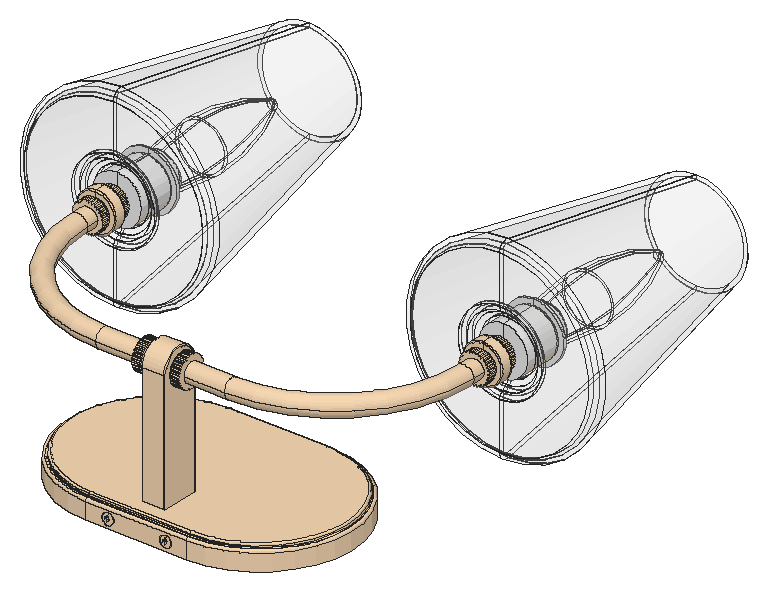
Revit family "Light_Fixture-Wall_Sconce-KOHLER-McGee-K-32256", category Lighting Fixtures, host Face, Revit 2021 (continued)
Definition of nested family "K-32256_Handle"
  Lines and regions (in)
    Masking region 3
      outline origin (1.37795, 2.25299, 0) x (1, 0, 0) y (0, 1, 0)
        loop
          arc (2.5789, -4.50716) -> (2.56491, -4.51296) -> (2.55911, -4.52695) r 0.01979
          line (2.55911, -4.52695) -> (2.55911, -4.67544) -> (2.48089, -4.67544) -> (2.48089, -4.62707) -> (2.29958, -4.62707) -> (2.29958, -4.77248) -> (2.06508, -4.77248)
          arc (2.06508, -4.77248) -> (0.70289, -4.47974) -> (-0.41876, -3.65321) r 3.31564
          arc (-0.41876, -3.65321) -> (1.52905, -3.13473) -> (2.38189, -1.30842) r 2.38189
          line (2.38189, -1.30842) -> (2.38189, 1.30887)
    symbolic lines, detail levels medium+fine
      curve 1: line (0, 1.64533, 3.92944) -> (0, 1.64533, 3.40356)
      curve 2: line (0, 1.8816, 3.31565) -> (0, 1.8816, 4.03362)
      curve 3: line (0, 1.96031, 4.02857) -> (0, 1.96031, 3.34036)
      curve 4: line (0, 2.62956, 4.03362) -> (0, 2.62956, 3.31565)
      curve 5: line (0, 2.55086, 3.34036) -> (0, 2.55086, 4.02857)
      curve 6: line (0, 2.54827, 0.59055) -> (0, 1.96031, 0.59055)
      curve 7: line (0, 5.84749, 0.49263) -> (0, -1.33948, 0.49263)
      curve 8: line (0, 2.86582, 4.03362) -> (0, 2.62956, 4.03362)
      curve 9: line (0, 2.86582, 4.01659) -> (0, 2.62956, 4.01659)
      curve 10: line (0, 2.86582, 3.96538) -> (0, 2.62956, 3.96538)
      curve 11: line (0, 2.86582, 3.92944) -> (0, 2.62956, 3.92944)
      curve 12: line (0, 2.86582, 3.90189) -> (0, 2.62956, 3.90189)
      curve 13: line (0, 2.86582, 3.86) -> (0, 2.62956, 3.86)
      curve 14: line (0, 2.86582, 3.8289) -> (0, 2.62956, 3.8289)
      curve 15: line (0, 2.86582, 3.7829) -> (0, 2.62956, 3.7829)
      curve 16: line (0, 2.86582, 3.7496) -> (0, 2.62956, 3.7496)
      curve 17: line (0, 2.86582, 3.70149) -> (0, 2.62956, 3.70149)
      curve 18: line (0, 2.86582, 3.72193) -> (0, 2.62956, 3.72193)
      curve 19: line (0, 2.86582, 3.79523) -> (0, 2.62956, 3.79523)
      curve 20: line (0, 2.86582, 3.98816) -> (0, 2.62956, 3.98816)
      curve 21: line (0, 2.86582, 4.05329) -> (0, 2.62956, 4.05329)
      curve 22: line (0, 2.86582, 3.33532) -> (0, 2.62956, 3.33532)
      curve 23: line (0, 2.86582, 3.35234) -> (0, 2.62956, 3.35234)
      curve 24: line (0, 2.86582, 3.40356) -> (0, 2.62956, 3.40356)
      curve 25: line (0, 2.86582, 3.4395) -> (0, 2.62956, 3.4395)
      curve 26: line (0, 2.86582, 3.46705) -> (0, 2.62956, 3.46705)
      curve 27: line (0, 2.86582, 3.50893) -> (0, 2.62956, 3.50893)
      curve 28: line (0, 2.86582, 3.54004) -> (0, 2.62956, 3.54004)
      curve 29: line (0, 2.86582, 3.58604) -> (0, 2.62956, 3.58604)
      curve 30: line (0, 2.86582, 3.61934) -> (0, 2.62956, 3.61934)
      curve 31: line (0, 2.86582, 3.66745) -> (0, 2.62956, 3.66745)
      curve 32: line (0, 2.86582, 3.647) -> (0, 2.62956, 3.647)
      curve 33: line (0, 2.86582, 3.57371) -> (0, 2.62956, 3.57371)
      curve 34: line (0, 2.86582, 3.38077) -> (0, 2.62956, 3.38077)
      curve 35: line (0, 2.86582, 3.31565) -> (0, 2.62956, 3.31565)
      curve 36: line (0, 2.86582, 4.06381) -> (0, 2.62956, 4.06381)
      curve 37: line (0, 1.8816, 4.03362) -> (0, 1.8816, 3.31565)
      curve 38: line (0, 1.64534, 4.03362) -> (0, 1.8816, 4.03362)
      curve 39: line (0, 1.64534, 4.01659) -> (0, 1.8816, 4.01659)
      curve 40: line (0, 1.64534, 3.96538) -> (0, 1.8816, 3.96538)
      curve 41: line (0, 1.64533, 3.92944) -> (0, 1.8816, 3.92944)
      curve 42: line (0, 1.64534, 3.90189) -> (0, 1.8816, 3.90189)
      curve 43: line (0, 1.64533, 3.86) -> (0, 1.8816, 3.86)
      curve 44: line (0, 1.64533, 3.8289) -> (0, 1.8816, 3.8289)
      curve 45: line (0, 1.64533, 3.7829) -> (0, 1.8816, 3.7829)
      curve 46: line (0, 1.64533, 3.7496) -> (0, 1.8816, 3.7496)
      curve 47: line (0, 1.64533, 3.70149) -> (0, 1.8816, 3.70149)
      curve 48: line (0, 1.64533, 3.72193) -> (0, 1.8816, 3.72193)
      curve 49: line (0, 1.64533, 3.79523) -> (0, 1.8816, 3.79523)
      curve 50: line (0, 1.64534, 3.98816) -> (0, 1.8816, 3.98816)
      curve 51: line (0, 1.64534, 4.05329) -> (0, 1.8816, 4.05329)
      curve 52: line (0, 1.64534, 3.33532) -> (0, 1.8816, 3.33532)
      curve 53: line (0, 1.64534, 3.35234) -> (0, 1.8816, 3.35234)
      curve 54: line (0, 1.64533, 3.40356) -> (0, 1.8816, 3.40356)
      curve 55: line (0, 1.64533, 3.4395) -> (0, 1.8816, 3.4395)
      curve 56: line (0, 1.64533, 3.46705) -> (0, 1.8816, 3.46705)
      curve 57: line (0, 1.64533, 3.50893) -> (0, 1.8816, 3.50893)
      curve 58: line (0, 1.64533, 3.54004) -> (0, 1.8816, 3.54004)
      curve 59: line (0, 1.64533, 3.58604) -> (0, 1.8816, 3.58604)
      curve 60: line (0, 1.64533, 3.61934) -> (0, 1.8816, 3.61934)
      curve 61: line (0, 1.64533, 3.66745) -> (0, 1.8816, 3.66745)
      curve 62: line (0, 1.64533, 3.647) -> (0, 1.8816, 3.647)
      curve 63: line (0, 1.64533, 3.57371) -> (0, 1.8816, 3.57371)
      curve 64: line (0, 1.64534, 3.38077) -> (0, 1.8816, 3.38077)
      curve 65: line (0, 1.64534, 3.31565) -> (0, 1.8816, 3.31565)
      curve 66: line (0, 1.64534, 4.06381) -> (0, 1.8816, 4.06381)
      curve 67: line (0.49213, 0, 0.59091) -> (-0.49213, 0, 0.59091)
      curve 68: line (3.6993, 0, 0.49324) -> (-0.9434, 0, 0.49324)
      curve 69: arc (0.13774, 0, 4.05329) -> (0.12166, 0, 4.0589) -> (0.10536, 0, 4.06381) r 0.3937
      curve 70: line (0.10536, 0, 4.06381) -> (0.07452, 0, 4.03505)
      curve 71: line (0.07452, 0, 4.03505) -> (0.05804, 0, 4.07387)
      curve 72: arc (0.05804, 0, 4.07387) -> (0.04115, 0, 4.07601) -> (0.02418, 0, 4.07743) r 0.3937
      curve 73: line (0.02418, 0, 4.07743) -> (0, 0, 4.04289)
      curve 74: line (0, 0, 4.04289) -> (-0.02418, 0, 4.07743)
      curve 75: line (-0.05804, 0, 4.07387) -> (-0.07452, 0, 4.03505)
      curve 76: arc (-0.02418, 0, 4.07743) -> (-0.04115, 0, 4.07601) -> (-0.05804, 0, 4.07387) r 0.3937
      curve 77: line (-0.07452, 0, 4.03505) -> (-0.10536, 0, 4.06381)
      curve 78: arc (-0.10536, 0, 4.06381) -> (-0.12166, 0, 4.0589) -> (-0.13774, 0, 4.05329) r 0.3937
      curve 79: line (-0.13774, 0, 4.05329) -> (-0.14578, 0, 4.0119)
      curve 80: line (-0.14578, 0, 4.0119) -> (-0.18192, 0, 4.03362)
      curve 81: arc (-0.18192, 0, 4.03362) -> (-0.19685, 0, 4.02542) -> (-0.21141, 0, 4.01659) r 0.3937
      curve 82: line (-0.21141, 0, 4.01659) -> (-0.21067, 0, 3.97443)
      curve 83: line (-0.21067, 0, 3.97443) -> (-0.25054, 0, 3.98816)
      curve 84: arc (-0.25054, 0, 3.98816) -> (-0.26344, 0, 3.97705) -> (-0.27584, 0, 3.96538) r 0.3937
      curve 85: line (-0.27584, 0, 3.96538) -> (-0.26636, 0, 3.9243)
      curve 86: line (-0.26636, 0, 3.9243) -> (-0.30821, 0, 3.92944)
      curve 87: arc (-0.30821, 0, 3.92944) -> (-0.31851, 0, 3.91588) -> (-0.32822, 0, 3.90189) r 0.3937
      curve 88: line (-0.32822, 0, 3.90189) -> (-0.3104, 0, 3.86368)
      curve 89: line (-0.3104, 0, 3.86368) -> (-0.3524, 0, 3.86)
      curve 90: arc (-0.3524, 0, 3.86) -> (-0.35966, 0, 3.8446) -> (-0.36625, 0, 3.8289) r 0.3937
      curve 91: line (-0.36625, 0, 3.8289) -> (-0.34088, 0, 3.79523)
      curve 92: line (-0.34088, 0, 3.79523) -> (-0.3812, 0, 3.7829)
      curve 93: arc (-0.3812, 0, 3.7829) -> (-0.3851, 0, 3.76632) -> (-0.38828, 0, 3.7496) r 0.3937
      curve 94: line (-0.38828, 0, 3.7496) -> (-0.35645, 0, 3.72193)
      curve 95: line (-0.35645, 0, 3.72193) -> (-0.39333, 0, 3.70149)
      curve 96: arc (-0.39333, 0, 3.70149) -> (-0.3937, 0, 3.68447) -> (-0.39333, 0, 3.66745) r 0.3937
      curve 97: line (-0.39333, 0, 3.66745) -> (-0.35645, 0, 3.647)
      curve 98: line (-0.35645, 0, 3.647) -> (-0.38828, 0, 3.61934)
      curve 99: arc (-0.38828, 0, 3.61934) -> (-0.3851, 0, 3.60261) -> (-0.3812, 0, 3.58604) r 0.3937
      curve 100: line (-0.3812, 0, 3.58604) -> (-0.34088, 0, 3.57371)
      curve 101: line (-0.34088, 0, 3.57371) -> (-0.36625, 0, 3.54004)
      curve 102: arc (-0.36625, 0, 3.54004) -> (-0.35966, 0, 3.52434) -> (-0.3524, 0, 3.50893) r 0.3937
      curve 103: line (-0.3524, 0, 3.50893) -> (-0.3104, 0, 3.50526)
      curve 104: line (-0.3104, 0, 3.50526) -> (-0.32822, 0, 3.46705)
      curve 105: arc (-0.32822, 0, 3.46705) -> (-0.31851, 0, 3.45306) -> (-0.30821, 0, 3.4395) r 0.3937
      curve 106: line (-0.30821, 0, 3.4395) -> (-0.26636, 0, 3.44464)
      curve 107: line (-0.26636, 0, 3.44464) -> (-0.27584, 0, 3.40356)
      curve 108: arc (-0.27584, 0, 3.40356) -> (-0.26344, 0, 3.39189) -> (-0.25054, 0, 3.38077) r 0.3937
      curve 109: line (-0.25054, 0, 3.38077) -> (-0.21067, 0, 3.3945)
      curve 110: line (-0.21067, 0, 3.3945) -> (-0.21141, 0, 3.35234)
      curve 111: arc (-0.21141, 0, 3.35234) -> (-0.19685, 0, 3.34351) -> (-0.18192, 0, 3.33532) r 0.3937
      curve 112: line (-0.18192, 0, 3.33532) -> (-0.14578, 0, 3.35704)
      curve 113: line (-0.14578, 0, 3.35704) -> (-0.13774, 0, 3.31565)
      curve 114: arc (-0.13774, 0, 3.31565) -> (-0.12166, 0, 3.31004) -> (-0.10536, 0, 3.30513) r 0.3937
      curve 115: line (-0.10536, 0, 3.30513) -> (-0.07452, 0, 3.33388)
      curve 116: line (-0.07452, 0, 3.33388) -> (-0.05804, 0, 3.29507)
      curve 117: arc (-0.05804, 0, 3.29507) -> (-0.04115, 0, 3.29292) -> (-0.02418, 0, 3.29151) r 0.3937
      curve 118: line (-0.02418, 0, 3.29151) -> (0, 0, 3.32605)
      curve 119: line (0, 0, 3.32605) -> (0.02418, 0, 3.29151)
      curve 120: arc (0.02418, 0, 3.29151) -> (0.04115, 0, 3.29292) -> (0.05804, 0, 3.29507) r 0.3937
      curve 121: line (0.05804, 0, 3.29507) -> (0.07452, 0, 3.33388)
      curve 122: line (0.07452, 0, 3.33388) -> (0.10536, 0, 3.30513)
      curve 123: line (0.13774, 0, 3.31565) -> (0.14578, 0, 3.35704)
      curve 124: arc (0.10536, 0, 3.30513) -> (0.12166, 0, 3.31004) -> (0.13774, 0, 3.31565) r 0.3937
      curve 125: line (0.14578, 0, 3.35704) -> (0.18192, 0, 3.33532)
      curve 126: arc (0.18192, 0, 3.33532) -> (0.19685, 0, 3.34351) -> (0.21141, 0, 3.35234) r 0.3937
      curve 127: line (0.21141, 0, 3.35234) -> (0.21067, 0, 3.3945)
      curve 128: line (0.21067, 0, 3.3945) -> (0.25054, 0, 3.38077)
      curve 129: arc (0.25054, 0, 3.38077) -> (0.26344, 0, 3.39189) -> (0.27584, 0, 3.40356) r 0.3937
      curve 130: line (0.27584, 0, 3.40356) -> (0.26636, 0, 3.44464)
      curve 131: line (0.14578, 0, 4.0119) -> (0.13774, 0, 4.05329)
      curve 132: line (0.18192, 0, 4.03362) -> (0.14578, 0, 4.0119)
      curve 133: arc (0.21141, 0, 4.01659) -> (0.19685, 0, 4.02542) -> (0.18192, 0, 4.03362) r 0.3937
      curve 134: line (0.21067, 0, 3.97443) -> (0.21141, 0, 4.01659)
      curve 135: line (0.25054, 0, 3.98816) -> (0.21067, 0, 3.97443)
      curve 136: arc (0.2752, 0, 3.96601) -> (0.2631, 0, 3.97735) -> (0.25054, 0, 3.98816) r 0.3937
      curve 137: arc (3.56299, 3.56186, 0) -> (2.71209, 5.29231, 0) -> (0.82211, 5.67502, 0) r 2.18504
      curve 138: line (-0.80709, 3.56186, 0) -> (-0.80709, 0.94457, 0)
      curve 139: arc (-0.80709, 0.94457, 0) -> (-0.57735, -0.03071, 0) -> (0.06355, -0.80092, 0) r 2.18504
      curve 140: line (3.56299, 0.94457, 0) -> (3.56299, 3.56186, 0)
      curve 141: line (-0.49213, 1.95772, 0) -> (0.49213, 1.95772, 0)
      curve 142: line (-0.24596, 0.92133, 0) -> (-0.24596, 1.64274, 0)
      curve 143: line (0.24596, 1.0522, 0) -> (0.24596, 1.64274, 0)
      curve 144: line (-0.3937, 1.64274, 0) -> (0.39333, 1.64274, 0)
      curve 145: line (0.39333, 1.87901, 0) -> (-0.3937, 1.87901, 0)
      curve 146: line (-0.3937, 1.87901, 0) -> (-0.3937, 1.64274, 0)
      curve 147: line (0.39333, 1.87901, 0) -> (0.39333, 1.64274, 0)
      curve 148: line (-0.49213, 2.54827, 0) -> (0.49213, 2.54827, 0)
      curve 149: line (-0.49213, 2.54827, 0) -> (-0.49213, 1.95772, 0)
      curve 150: line (0.49213, 2.54827, 0) -> (0.49213, 1.95772, 0)
      curve 151: line (0.34459, 1.95772, 0) -> (0.34459, 1.87901, 0)
      curve 152: line (-0.34517, 1.95772, 0) -> (-0.34517, 1.87901, 0)
      curve 153: line (-0.3937, 2.86323, 0) -> (0.3937, 2.86323, 0)
      curve 154: line (0.3937, 2.62697, 0) -> (-0.3937, 2.62697, 0)
      curve 155: line (-0.3937, 2.62697, 0) -> (-0.3937, 2.86323, 0)
      curve 156: line (0.3937, 2.62697, 0) -> (0.3937, 2.86323, 0)
      curve 157: line (-0.34552, 2.54827, 0) -> (-0.34552, 2.62697, 0)
      curve 158: line (0.34288, 2.54827, 0) -> (0.34288, 2.62697, 0)
      curve 159: line (-0.3812, 2.86323, 0) -> (-0.3812, 2.62697, 0)
      curve 160: line (-0.36625, 2.86323, 0) -> (-0.36625, 2.62697, 0)
      curve 161: line (-0.3524, 2.86323, 0) -> (-0.3524, 2.62697, 0)
      curve 162: line (-0.32822, 2.86323, 0) -> (-0.32822, 2.62697, 0)
      curve 163: line (-0.30821, 2.86323, 0) -> (-0.30821, 2.62697, 0)
      curve 164: line (-0.27584, 2.86323, 0) -> (-0.27584, 2.62697, 0)
      curve 165: line (-0.25054, 2.86323, 0) -> (-0.25054, 2.62697, 0)
      curve 166: line (-0.21141, 2.86323, 0) -> (-0.21141, 2.62697, 0)
      curve 167: line (-0.18192, 2.86323, 0) -> (-0.18192, 2.62697, 0)
      curve 168: line (-0.14578, 2.86323, 0) -> (-0.14578, 2.62697, 0)
      curve 169: line (-0.13774, 2.86323, 0) -> (-0.13774, 2.62697, 0)
      curve 170: line (-0.10536, 2.86323, 0) -> (-0.10536, 2.62697, 0)
      curve 171: line (-0.07452, 2.86323, 0) -> (-0.07452, 2.62697, 0)
      curve 172: line (-0.05804, 2.62697, 0) -> (-0.05804, 2.86323, 0)
      curve 173: line (-0.02418, 2.86323, 0) -> (-0.02418, 2.62697, 0)
      curve 174: line (0.3937, 2.62697, 0) -> (0.3937, 2.86323, 0)
      curve 175: line (0.3812, 2.86323, 0) -> (0.3812, 2.62697, 0)
      curve 176: line (0.36625, 2.86323, 0) -> (0.36625, 2.62697, 0)
      curve 177: line (0.3524, 2.86323, 0) -> (0.3524, 2.62697, 0)
      curve 178: line (0.32822, 2.86323, 0) -> (0.32822, 2.62697, 0)
      curve 179: line (0.30821, 2.86323, 0) -> (0.30821, 2.62697, 0)
      curve 180: line (0.27584, 2.86323, 0) -> (0.27584, 2.62697, 0)
      curve 181: line (0.25054, 2.86323, 0) -> (0.25054, 2.62697, 0)
      curve 182: line (0.21141, 2.86323, 0) -> (0.21141, 2.62697, 0)
      curve 183: line (0.18192, 2.86323, 0) -> (0.18192, 2.62697, 0)
      curve 184: line (0.14578, 2.86323, 0) -> (0.14578, 2.62697, 0)
      curve 185: line (0.13774, 2.86323, 0) -> (0.13774, 2.62697, 0)
      curve 186: line (0.10536, 2.86323, 0) -> (0.10536, 2.62697, 0)
      curve 187: line (0.07452, 2.86323, 0) -> (0.07452, 2.62697, 0)
      curve 188: line (0.05804, 2.62697, 0) -> (0.05804, 2.86323, 0)
      curve 189: line (0.02418, 2.86323, 0) -> (0.02418, 2.62697, 0)
      curve 190: line (0, 2.86323, 0) -> (0, 2.62697, 0)
      curve 191: line (-0.3812, 1.87901, 0) -> (-0.3812, 1.64274, 0)
      curve 192: line (-0.36625, 1.87901, 0) -> (-0.36625, 1.64274, 0)
      curve 193: line (-0.3524, 1.87901, 0) -> (-0.3524, 1.64274, 0)
      curve 194: line (-0.32822, 1.87901, 0) -> (-0.32822, 1.64274, 0)
      curve 195: line (-0.30821, 1.87901, 0) -> (-0.30821, 1.64274, 0)
      curve 196: line (-0.27584, 1.87901, 0) -> (-0.27584, 1.64274, 0)
      curve 197: line (-0.25054, 1.87901, 0) -> (-0.25054, 1.64274, 0)
      curve 198: line (-0.21141, 1.87901, 0) -> (-0.21141, 1.64274, 0)
      curve 199: line (-0.18192, 1.87901, 0) -> (-0.18192, 1.64274, 0)
      curve 200: line (-0.14578, 1.87901, 0) -> (-0.14578, 1.64274, 0)
      curve 201: line (-0.13774, 1.87901, 0) -> (-0.13774, 1.64274, 0)
      curve 202: line (-0.10536, 1.87901, 0) -> (-0.10536, 1.64274, 0)
      curve 203: line (-0.07452, 1.87901, 0) -> (-0.07452, 1.64274, 0)
      curve 204: line (-0.05804, 1.64274, 0) -> (-0.05804, 1.87901, 0)
      curve 205: line (-0.02418, 1.87901, 0) -> (-0.02418, 1.64274, 0)
      curve 206: line (0, 1.87901, 0) -> (0, 1.64274, 0)
      curve 207: line (0.3812, 1.87901, 0) -> (0.3812, 1.64274, 0)
      curve 208: line (0.36625, 1.87901, 0) -> (0.36625, 1.64274, 0)
      curve 209: line (0.3524, 1.87901, 0) -> (0.3524, 1.64274, 0)
      curve 210: line (0.32822, 1.87901, 0) -> (0.32822, 1.64274, 0)
      curve 211: line (0.30821, 1.87901, 0) -> (0.30821, 1.64274, 0)
      curve 212: line (0.27584, 1.87901, 0) -> (0.27584, 1.64274, 0)
      curve 213: line (0.25054, 1.87901, 0) -> (0.25054, 1.64274, 0)
      curve 214: line (0.21141, 1.87901, 0) -> (0.21141, 1.64274, 0)
      curve 215: line (0.18192, 1.87901, 0) -> (0.18192, 1.64274, 0)
      curve 216: line (0.14578, 1.87901, 0) -> (0.14578, 1.64274, 0)
      curve 217: line (0.13774, 1.87901, 0) -> (0.13774, 1.64274, 0)
      curve 218: line (0.10536, 1.87901, 0) -> (0.10536, 1.64274, 0)
      curve 219: line (0.07452, 1.87901, 0) -> (0.07452, 1.64274, 0)
      curve 220: line (0.05804, 1.64274, 0) -> (0.05804, 1.87901, 0)
      curve 221: line (0.02418, 1.87901, 0) -> (0.02418, 1.64274, 0)
      curve 222: line (3.93706, 7.6182, 0) -> (3.93706, 6.92843, 0)
      curve 223: line (4.25185, 7.61729, 0) -> (4.25147, 6.92861, 0)
      curve 224: line (4.33025, 7.62217, 0) -> (4.33025, 6.92388, 0)
      curve 225: line (3.85884, 6.92388, 0) -> (3.85884, 7.62217, 0)
      curve 226: line (3.67753, 7.53339, 0) -> (3.67753, 7.01265, 0)
      curve 227: line (-0.24747, 2.86323, 0) -> (-0.24747, 3.45378, 0)
      curve 228: line (0.24747, 2.86323, 0) -> (0.24747, 3.45378, 0)
      curve 229: arc (-0.24747, 3.45378, 0) -> (-0.13878, 4.55926, 0) -> (0.18313, 5.62239, 0) r 5.67614
      curve 230: arc (0.24747, 3.45378, 0) -> (0.42912, 4.73091, 0) -> (0.95967, 5.90674, 0) r 4.58034
      curve 231: arc (0.06376, 5.30751, 0) -> (-0.57729, 4.53727, 0) -> (-0.80709, 3.56186, 0) r 2.18504
      curve 232: line (3.67753, 7.64184, 0) -> (3.85884, 7.64184, 0)
      curve 233: line (3.67753, 7.62217, 0) -> (3.85884, 7.62217, 0)
      curve 234: line (3.67753, 7.60515, 0) -> (3.85884, 7.60515, 0)
      curve 235: line (3.67753, 7.57672, 0) -> (3.85884, 7.57672, 0)
      curve 236: line (3.67753, 7.55394, 0) -> (3.85884, 7.55394, 0)
      curve 237: line (3.67753, 7.51799, 0) -> (3.85884, 7.51799, 0)
      curve 238: line (3.67753, 7.49045, 0) -> (3.85884, 7.49045, 0)
      curve 239: line (3.67753, 7.45223, 0) -> (3.85884, 7.45223, 0)
      curve 240: line (3.67753, 7.41745, 0) -> (3.85884, 7.41745, 0)
      curve 241: line (3.67753, 7.38378, 0) -> (3.85884, 7.38378, 0)
      curve 242: line (3.67753, 7.37145, 0) -> (3.85884, 7.37145, 0)
      curve 243: line (3.67753, 7.33815, 0) -> (3.85884, 7.33815, 0)
      curve 244: line (3.67753, 7.31049, 0) -> (3.85884, 7.31049, 0)
      curve 245: line (3.67753, 7.29005, 0) -> (3.85884, 7.29005, 0)
      curve 246: line (3.67753, 7.256, 0) -> (3.85884, 7.256, 0)
      curve 247: line (3.67753, 7.23556, 0) -> (3.85884, 7.23556, 0)
      curve 248: line (3.67753, 7.2079, 0) -> (3.85884, 7.2079, 0)
      curve 249: line (3.67753, 7.17459, 0) -> (3.85884, 7.17459, 0)
      curve 250: line (3.67753, 7.16227, 0) -> (3.85884, 7.16227, 0)
      curve 251: line (3.67753, 7.12859, 0) -> (3.85884, 7.12859, 0)
      curve 252: line (3.67753, 7.09749, 0) -> (3.85884, 7.09749, 0)
      curve 253: line (3.67753, 7.0556, 0) -> (3.85884, 7.0556, 0)
      curve 254: line (3.67753, 7.02806, 0) -> (3.85884, 7.02806, 0)
      curve 255: line (3.67753, 6.99211, 0) -> (3.85884, 6.99211, 0)
      curve 256: line (3.67753, 6.96933, 0) -> (3.85884, 6.96933, 0)
      curve 257: line (3.67753, 6.9409, 0) -> (3.85884, 6.9409, 0)
      curve 258: line (3.67753, 6.92388, 0) -> (3.85884, 6.92388, 0)
      curve 259: line (3.67753, 6.9042, 0) -> (3.85884, 6.9042, 0)
      curve 260: line (4.51179, 7.53339, 0) -> (4.51179, 7.01265, 0)
      curve 261: line (4.51179, 7.64184, 0) -> (4.33047, 7.64184, 0)
      curve 262: line (4.51179, 7.62217, 0) -> (4.33025, 7.62217, 0)
      curve 263: line (4.51179, 7.60515, 0) -> (4.33047, 7.60515, 0)
      curve 264: line (4.51179, 7.57672, 0) -> (4.33047, 7.57672, 0)
      curve 265: line (4.51179, 7.55394, 0) -> (4.33047, 7.55394, 0)
      curve 266: line (4.51179, 7.51799, 0) -> (4.33047, 7.51799, 0)
      curve 267: line (4.51179, 7.49045, 0) -> (4.33047, 7.49045, 0)
      curve 268: line (4.51179, 7.45223, 0) -> (4.33025, 7.45223, 0)
      curve 269: line (4.51179, 7.41745, 0) -> (4.33025, 7.41745, 0)
      curve 270: line (4.51179, 7.38378, 0) -> (4.33047, 7.38378, 0)
      curve 271: line (4.51179, 7.37145, 0) -> (4.33047, 7.37145, 0)
      curve 272: line (4.51179, 7.33815, 0) -> (4.33047, 7.33815, 0)
      curve 273: line (4.51179, 7.31049, 0) -> (4.33047, 7.31049, 0)
      curve 274: line (4.51179, 7.29005, 0) -> (4.33047, 7.29005, 0)
      curve 275: line (4.51179, 7.256, 0) -> (4.33025, 7.256, 0)
      curve 276: line (4.51179, 7.23556, 0) -> (4.33025, 7.23556, 0)
      curve 277: line (4.51179, 7.2079, 0) -> (4.33025, 7.2079, 0)
      curve 278: line (4.51179, 7.17459, 0) -> (4.33025, 7.17459, 0)
      curve 279: line (4.51179, 7.16227, 0) -> (4.33025, 7.16227, 0)
      curve 280: line (4.51179, 7.12859, 0) -> (4.33047, 7.12859, 0)
      curve 281: line (4.51179, 7.09749, 0) -> (4.33047, 7.09749, 0)
      curve 282: line (4.51179, 7.0556, 0) -> (4.33025, 7.0556, 0)
      curve 283: line (4.51179, 7.02806, 0) -> (4.33025, 7.02806, 0)
      curve 284: line (4.51179, 6.99211, 0) -> (4.33025, 6.99211, 0)
      curve 285: line (4.51179, 6.96933, 0) -> (4.33025, 6.96933, 0)
      curve 286: line (4.51179, 6.9409, 0) -> (4.33025, 6.9409, 0)
      curve 287: line (4.51179, 6.92388, 0) -> (4.33025, 6.92388, 0)
      curve 288: line (4.51179, 6.9042, 0) -> (4.33047, 6.9042, 0)
      curve 289: line (3.93706, -3.11221, 0) -> (3.93706, -2.42245, 0)
      curve 290: line (4.25185, -3.11131, 0) -> (4.25147, -2.42263, 0)
      curve 291: line (4.33025, -3.11619, 0) -> (4.33025, -2.41789, 0)
      curve 292: line (3.85884, -2.41789, 0) -> (3.85884, -3.11619, 0)
      curve 293: line (3.67753, -3.02741, 0) -> (3.67753, -2.50667, 0)
      curve 294: line (3.67753, -3.13586, 0) -> (3.85884, -3.13586, 0)
      curve 295: line (3.67753, -3.11619, 0) -> (3.85884, -3.11619, 0)
      curve 296: line (3.67753, -3.09916, 0) -> (3.85884, -3.09916, 0)
      curve 297: line (3.67753, -3.07073, 0) -> (3.85884, -3.07073, 0)
      curve 298: line (3.67753, -3.04795, 0) -> (3.85884, -3.04795, 0)
      curve 299: line (3.67753, -3.01201, 0) -> (3.85884, -3.01201, 0)
      curve 300: line (3.67753, -2.98446, 0) -> (3.85884, -2.98446, 0)
      curve 301: line (3.67753, -2.94625, 0) -> (3.85884, -2.94625, 0)
      curve 302: line (3.67753, -2.91147, 0) -> (3.85884, -2.91147, 0)
      curve 303: line (3.67753, -2.8778, 0) -> (3.85884, -2.8778, 0)
      curve 304: line (3.67753, -2.86547, 0) -> (3.85884, -2.86547, 0)
      curve 305: line (3.67753, -2.83217, 0) -> (3.85884, -2.83217, 0)
      curve 306: line (3.67753, -2.8045, 0) -> (3.85884, -2.8045, 0)
      curve 307: line (3.67753, -2.78406, 0) -> (3.85884, -2.78406, 0)
      curve 308: line (3.67753, -2.75002, 0) -> (3.85884, -2.75002, 0)
      curve 309: line (3.67753, -2.72957, 0) -> (3.85884, -2.72957, 0)
      curve 310: line (3.67753, -2.70191, 0) -> (3.85884, -2.70191, 0)
      curve 311: line (3.67753, -2.66861, 0) -> (3.85884, -2.66861, 0)
      curve 312: line (3.67753, -2.65628, 0) -> (3.85884, -2.65628, 0)
      curve 313: line (3.67753, -2.62261, 0) -> (3.85884, -2.62261, 0)
      curve 314: line (3.67753, -2.5915, 0) -> (3.85884, -2.5915, 0)
      curve 315: line (3.67753, -2.54962, 0) -> (3.85884, -2.54962, 0)
      curve 316: line (3.67753, -2.52207, 0) -> (3.85884, -2.52207, 0)
      curve 317: line (3.67753, -2.48613, 0) -> (3.85884, -2.48613, 0)
      curve 318: line (3.67753, -2.46334, 0) -> (3.85884, -2.46334, 0)
      curve 319: line (3.67753, -2.43491, 0) -> (3.85884, -2.43491, 0)
      curve 320: line (3.67753, -2.41789, 0) -> (3.85884, -2.41789, 0)
      curve 321: line (3.67753, -2.39822, 0) -> (3.85884, -2.39822, 0)
      curve 322: line (4.51179, -3.02741, 0) -> (4.51179, -2.50667, 0)
      curve 323: line (4.51179, -3.13586, 0) -> (4.33047, -3.13586, 0)
      curve 324: line (4.51179, -3.11619, 0) -> (4.33025, -3.11619, 0)
      curve 325: line (4.51179, -3.09916, 0) -> (4.33025, -3.09916, 0)
      curve 326: line (4.51179, -3.07073, 0) -> (4.33025, -3.07073, 0)
      curve 327: line (4.51179, -3.04795, 0) -> (4.33025, -3.04795, 0)
      curve 328: line (4.51179, -3.01201, 0) -> (4.33025, -3.01201, 0)
      curve 329: line (4.51179, -2.98446, 0) -> (4.33025, -2.98446, 0)
      curve 330: line (4.51179, -2.94625, 0) -> (4.33025, -2.94625, 0)
      curve 331: line (4.51179, -2.91147, 0) -> (4.33025, -2.91147, 0)
      curve 332: line (4.51179, -2.8778, 0) -> (4.33025, -2.8778, 0)
      curve 333: line (4.51179, -2.86547, 0) -> (4.33025, -2.86547, 0)
      curve 334: line (4.51179, -2.83217, 0) -> (4.33025, -2.83217, 0)
      curve 335: line (4.51179, -2.8045, 0) -> (4.33025, -2.8045, 0)
      curve 336: line (4.51179, -2.78406, 0) -> (4.33025, -2.78406, 0)
      curve 337: line (4.51179, -2.75002, 0) -> (4.33025, -2.75002, 0)
      curve 338: line (4.51179, -2.72957, 0) -> (4.33025, -2.72957, 0)
      curve 339: line (4.51179, -2.70191, 0) -> (4.33025, -2.70191, 0)
      curve 340: line (4.51179, -2.66861, 0) -> (4.33025, -2.66861, 0)
      curve 341: line (4.51179, -2.65628, 0) -> (4.33025, -2.65628, 0)
      curve 342: line (4.51179, -2.62261, 0) -> (4.33025, -2.62261, 0)
      curve 343: line (4.51179, -2.5915, 0) -> (4.33025, -2.5915, 0)
      curve 344: line (4.51179, -2.54962, 0) -> (4.33025, -2.54962, 0)
      curve 345: line (4.51179, -2.52207, 0) -> (4.33025, -2.52207, 0)
      curve 346: line (4.51179, -2.48613, 0) -> (4.33025, -2.48613, 0)
      curve 347: line (4.51179, -2.46334, 0) -> (4.33025, -2.46334, 0)
      curve 348: line (4.51179, -2.43491, 0) -> (4.33025, -2.43491, 0)
      curve 349: line (4.51179, -2.41789, 0) -> (4.33025, -2.41789, 0)
      curve 350: line (4.51179, -2.39822, 0) -> (4.33047, -2.39822, 0)
      curve 351: arc (-0.24596, 0.92133, 0) -> (-0.12567, -0.11739, 0) -> (0.18313, -1.11641, 0) r 5.67614
      curve 352: arc (0.24747, 1.0522, 0) -> (0.42912, -0.22492, 0) -> (0.95967, -1.40075, 0) r 4.58034
      curve 353: arc (0.82182, -1.16851, 0) -> (2.71197, -0.78597, 0) -> (3.56299, 0.94457, 0) r 2.18504
      curve 354: line (0.42819, 0, 3.9287) -> (0.00047, 0, 3.9287)
      curve 355: line (0.49213, 0, 3.44023) -> (0.00047, 0, 3.44023)
      curve 356: arc (0.00047, 0, 3.9287) -> (-0.24377, 0, 3.68447) -> (0.00047, 0, 3.44023) r 0.24424
      curve 357: line (0.2752, 0, 3.96601) -> (0.26235, 0, 3.9287)
      curve 358: line (3.67753, 0, 3.93164) -> (3.67753, 0, 3.43729)
      curve 359: line (3.85884, 0, 3.34343) -> (3.85884, 0, 4.02551)
      curve 360: line (3.93758, 0, 4.02551) -> (3.93758, 0, 3.34343)
      curve 361: line (4.25138, 0, 3.34343) -> (4.25138, 0, 4.02551)
      curve 362: line (4.33025, 0, 4.02551) -> (4.33025, 0, 3.34343)
      curve 363: line (3.85884, 0, 4.04735) -> (3.67753, 0, 4.04735)
      curve 364: line (3.85884, 0, 4.03351) -> (3.67753, 0, 4.03351)
      curve 365: line (3.85884, 0, 4.00932) -> (3.67753, 0, 4.00932)
      curve 366: line (3.85884, 0, 3.98931) -> (3.67753, 0, 3.98931)
      curve 367: line (3.85884, 0, 3.95694) -> (3.67753, 0, 3.95694)
      curve 368: line (3.85884, 0, 3.93164) -> (3.67753, 0, 3.93164)
      curve 369: line (3.85884, 0, 3.89251) -> (3.67753, 0, 3.89251)
      curve 370: line (3.85884, 0, 3.86303) -> (3.67753, 0, 3.86303)
      curve 371: line (3.85884, 0, 3.82688) -> (3.67753, 0, 3.82688)
      curve 372: line (3.85884, 0, 3.81884) -> (3.67753, 0, 3.81884)
      curve 373: line (3.85884, 0, 3.78646) -> (3.67753, 0, 3.78646)
      curve 374: line (3.85884, 0, 3.75562) -> (3.67753, 0, 3.75562)
      curve 375: line (3.67753, 0, 3.73915) -> (3.85884, 0, 3.73915)
      curve 376: line (3.85884, 0, 3.70529) -> (3.67753, 0, 3.70529)
      curve 377: line (3.85884, 0, 3.32158) -> (3.67753, 0, 3.32158)
      curve 378: line (3.85884, 0, 3.33543) -> (3.67753, 0, 3.33543)
      curve 379: line (3.85884, 0, 3.35962) -> (3.67753, 0, 3.35962)
      curve 380: line (3.85884, 0, 3.37963) -> (3.67753, 0, 3.37963)
      curve 381: line (3.85884, 0, 3.41199) -> (3.67753, 0, 3.41199)
      curve 382: line (3.85884, 0, 3.43729) -> (3.67753, 0, 3.43729)
      curve 383: line (3.85884, 0, 3.47643) -> (3.67753, 0, 3.47643)
      curve 384: line (3.85884, 0, 3.50591) -> (3.67753, 0, 3.50591)
      curve 385: line (3.85884, 0, 3.54205) -> (3.67753, 0, 3.54205)
      curve 386: line (3.85884, 0, 3.5501) -> (3.67753, 0, 3.5501)
      curve 387: line (3.85884, 0, 3.58248) -> (3.67753, 0, 3.58248)
      curve 388: line (3.85884, 0, 3.61332) -> (3.67753, 0, 3.61332)
      curve 389: line (3.67753, 0, 3.62979) -> (3.85884, 0, 3.62979)
      curve 390: line (3.85884, 0, 3.66365) -> (3.67753, 0, 3.66365)
      curve 391: line (4.33066, 0, 4.04735) -> (4.51197, 0, 4.04735)
      curve 392: line (4.33066, 0, 4.03351) -> (4.51197, 0, 4.03351)
      curve 393: line (4.33025, 0, 4.00932) -> (4.51197, 0, 4.00932)
      curve 394: line (4.33025, 0, 3.98931) -> (4.51197, 0, 3.98931)
      curve 395: line (4.33025, 0, 3.95694) -> (4.51197, 0, 3.95694)
      curve 396: line (4.33025, 0, 3.93164) -> (4.51197, 0, 3.93164)
      curve 397: line (4.33025, 0, 3.89251) -> (4.51197, 0, 3.89251)
      curve 398: line (4.33025, 0, 3.86303) -> (4.51197, 0, 3.86303)
      curve 399: line (4.33025, 0, 3.82688) -> (4.51197, 0, 3.82688)
      curve 400: line (4.33025, 0, 3.81884) -> (4.51197, 0, 3.81884)
      curve 401: line (4.33025, 0, 3.78646) -> (4.51197, 0, 3.78646)
      curve 402: line (4.33025, 0, 3.75562) -> (4.51197, 0, 3.75562)
      curve 403: line (4.51197, 0, 3.73915) -> (4.33025, 0, 3.73915)
      curve 404: line (4.33025, 0, 3.70529) -> (4.51197, 0, 3.70529)
      curve 405: line (4.33066, 0, 3.32158) -> (4.51197, 0, 3.32158)
      curve 406: line (4.33066, 0, 3.33543) -> (4.51197, 0, 3.33543)
      curve 407: line (4.33025, 0, 3.35962) -> (4.51197, 0, 3.35962)
      curve 408: line (4.33025, 0, 3.37963) -> (4.51197, 0, 3.37963)
      curve 409: line (4.33025, 0, 3.41199) -> (4.51197, 0, 3.41199)
      curve 410: line (4.33025, 0, 3.43729) -> (4.51197, 0, 3.43729)
      curve 411: line (4.33025, 0, 3.47643) -> (4.51197, 0, 3.47643)
      curve 412: line (4.33025, 0, 3.50591) -> (4.51197, 0, 3.50591)
      curve 413: line (4.33025, 0, 3.54205) -> (4.51197, 0, 3.54205)
      curve 414: line (4.33025, 0, 3.5501) -> (4.51197, 0, 3.5501)
      curve 415: line (4.33025, 0, 3.58248) -> (4.51197, 0, 3.58248)
      curve 416: line (4.33025, 0, 3.61332) -> (4.51197, 0, 3.61332)
      curve 417: line (4.51197, 0, 3.62979) -> (4.33025, 0, 3.62979)
      curve 418: line (4.33025, 0, 3.66365) -> (4.51197, 0, 3.66365)
      curve 419: line (0, 6.8219, 3.92866) -> (0, 7.27525, 3.92866)
      curve 420: line (0, 6.8219, 3.44028) -> (0, 7.27525, 3.44028)
      curve 421: arc (0, 7.27525, 3.92866) -> (0, 7.51944, 3.68447) -> (0, 7.27525, 3.44028) r 0.24419
      curve 422: arc (0, 7.57672, 3.93164) -> (0, 7.5656, 3.94454) -> (0, 7.55394, 3.95694) r 0.3937
      curve 423: line (0, 7.55394, 3.95694) -> (0, 7.51285, 3.94746)
      curve 424: line (0, 7.51285, 3.94746) -> (0, 7.51799, 3.98931)
      curve 425: arc (0, 7.51799, 3.98931) -> (0, 7.50443, 3.99961) -> (0, 7.49045, 4.00932) r 0.3937
      curve 426: line (0, 7.49045, 4.00932) -> (0, 7.45223, 3.9915)
      curve 427: line (0, 7.45223, 3.9915) -> (0, 7.44856, 4.03351)
      curve 428: arc (0, 7.44856, 4.03351) -> (0, 7.43316, 4.04077) -> (0, 7.41745, 4.04735) r 0.3937
      curve 429: line (0, 7.41745, 4.04735) -> (0, 7.38378, 4.02198)
      curve 430: line (0, 7.38378, 4.02198) -> (0, 7.37145, 4.0623)
      curve 431: arc (0, 7.37145, 4.0623) -> (0, 7.35488, 4.0662) -> (0, 7.33815, 4.06938) r 0.3937
      curve 432: line (0, 7.33815, 4.06938) -> (0, 7.31049, 4.03756)
      curve 433: line (0, 7.31049, 4.03756) -> (0, 7.29005, 4.07443)
      curve 434: arc (0, 7.29005, 4.07443) -> (0, 7.27302, 4.0748) -> (0, 7.256, 4.07443) r 0.3937
      curve 435: line (0, 7.256, 4.07443) -> (0, 7.23556, 4.03756)
      curve 436: line (0, 7.23556, 4.03756) -> (0, 7.2079, 4.06938)
      curve 437: arc (0, 7.2079, 4.06938) -> (0, 7.19117, 4.0662) -> (0, 7.17459, 4.0623) r 0.3937
      curve 438: line (0, 7.17459, 4.0623) -> (0, 7.16227, 4.02198)
      curve 439: line (0, 7.16227, 4.02198) -> (0, 7.12859, 4.04735)
      curve 440: arc (0, 7.12859, 4.04735) -> (0, 7.11289, 4.04077) -> (0, 7.09749, 4.03351) r 0.3937
      curve 441: line (0, 7.09749, 4.03351) -> (0, 7.09381, 3.9915)
      curve 442: line (0, 7.09381, 3.9915) -> (0, 7.0556, 4.00932)
      curve 443: arc (0, 7.0556, 4.00932) -> (0, 7.04161, 3.99961) -> (0, 7.02806, 3.98931) r 0.3937
      curve 444: line (0, 7.02806, 3.98931) -> (0, 7.03319, 3.94746)
      curve 445: line (0, 7.03319, 3.94746) -> (0, 6.99211, 3.95694)
      curve 446: arc (0, 6.99211, 3.95694) -> (0, 6.98045, 3.94454) -> (0, 6.96933, 3.93164) r 0.3937
      curve 447: line (0, 7.56299, 3.89177) -> (0, 7.57672, 3.93164)
      curve 448: arc (0, 7.62217, 3.86303) -> (0, 7.61398, 3.87795) -> (0, 7.60515, 3.89251) r 0.3937
      curve 449: line (0, 7.60515, 3.89251) -> (0, 7.56299, 3.89177)
      curve 450: line (0, 7.60045, 3.82688) -> (0, 7.62217, 3.86303)
      curve 451: line (0, 7.64184, 3.81884) -> (0, 7.60045, 3.82688)
      curve 452: arc (0, 7.65236, 3.78646) -> (0, 7.64745, 3.80276) -> (0, 7.64184, 3.81884) r 0.3937
      curve 453: line (0, 7.62361, 3.75562) -> (0, 7.65236, 3.78646)
      curve 454: line (0, 7.66242, 3.73915) -> (0, 7.62361, 3.75562)
      curve 455: arc (0, 7.66598, 3.70529) -> (0, 7.66457, 3.72226) -> (0, 7.66242, 3.73915) r 0.3937
      curve 456: line (0, 7.63144, 3.6811) -> (0, 7.66598, 3.70529)
      curve 457: line (0, 7.66598, 3.65692) -> (0, 7.63144, 3.6811)
      curve 458: arc (0, 7.66242, 3.62306) -> (0, 7.66457, 3.63995) -> (0, 7.66598, 3.65692) r 0.3937
      curve 459: line (0, 7.62361, 3.60658) -> (0, 7.66242, 3.62306)
      curve 460: line (0, 7.65236, 3.57575) -> (0, 7.62361, 3.60658)
      curve 461: arc (0, 7.64184, 3.54337) -> (0, 7.64745, 3.55944) -> (0, 7.65236, 3.57575) r 0.3937
      curve 462: line (0, 7.60045, 3.53532) -> (0, 7.64184, 3.54337)
      curve 463: line (0, 7.62217, 3.49918) -> (0, 7.60045, 3.53532)
      curve 464: arc (0, 6.96933, 3.43056) -> (0, 6.98045, 3.41767) -> (0, 6.99211, 3.40526) r 0.3937
      curve 465: line (0, 6.99211, 3.40526) -> (0, 7.03319, 3.41475)
      curve 466: line (0, 7.03319, 3.41475) -> (0, 7.02806, 3.3729)
      curve 467: arc (0, 7.02806, 3.3729) -> (0, 7.04161, 3.36259) -> (0, 7.0556, 3.35288) r 0.3937
      curve 468: line (0, 7.0556, 3.35288) -> (0, 7.09381, 3.3707)
      curve 469: line (0, 7.09381, 3.3707) -> (0, 7.09749, 3.3287)
      curve 470: arc (0, 7.09749, 3.3287) -> (0, 7.11289, 3.32144) -> (0, 7.12859, 3.31485) r 0.3937
      curve 471: line (0, 7.12859, 3.31485) -> (0, 7.16227, 3.34023)
      curve 472: line (0, 7.16227, 3.34023) -> (0, 7.17459, 3.2999)
      curve 473: arc (0, 7.17459, 3.2999) -> (0, 7.19117, 3.296) -> (0, 7.2079, 3.29283) r 0.3937
      curve 474: line (0, 7.2079, 3.29283) -> (0, 7.23556, 3.32465)
      curve 475: line (0, 7.23556, 3.32465) -> (0, 7.256, 3.28777)
      curve 476: arc (0, 7.256, 3.28777) -> (0, 7.27302, 3.2874) -> (0, 7.29005, 3.28777) r 0.3937
      curve 477: line (0, 7.29005, 3.28777) -> (0, 7.31049, 3.32465)
      curve 478: line (0, 7.31049, 3.32465) -> (0, 7.33815, 3.29283)
      curve 479: arc (0, 7.33815, 3.29283) -> (0, 7.35488, 3.296) -> (0, 7.37145, 3.2999) r 0.3937
      curve 480: line (0, 7.37145, 3.2999) -> (0, 7.38378, 3.34023)
      curve 481: line (0, 7.38378, 3.34023) -> (0, 7.41745, 3.31485)
      curve 482: arc (0, 7.41745, 3.31485) -> (0, 7.43316, 3.32144) -> (0, 7.44856, 3.3287) r 0.3937
      curve 483: line (0, 7.44856, 3.3287) -> (0, 7.45223, 3.3707)
      curve 484: line (0, 7.45223, 3.3707) -> (0, 7.49045, 3.35288)
      curve 485: arc (0, 7.49045, 3.35288) -> (0, 7.50443, 3.36259) -> (0, 7.51799, 3.3729) r 0.3937
      curve 486: line (0, 7.51799, 3.3729) -> (0, 7.51285, 3.41475)
      curve 487: line (0, 7.51285, 3.41475) -> (0, 7.55394, 3.40526)
      curve 488: arc (0, 7.55394, 3.40526) -> (0, 7.5656, 3.41767) -> (0, 7.57672, 3.43056) r 0.3937
      curve 489: line (0, 7.57672, 3.43056) -> (0, 7.56299, 3.47043)
      curve 490: line (0, 7.56299, 3.47043) -> (0, 7.60515, 3.46969)
      curve 491: arc (0, 7.60515, 3.46969) -> (0, 7.61398, 3.48425) -> (0, 7.62217, 3.49918) r 0.3937
      curve 492: line (0, -2.31592, 3.92866) -> (0, -2.76926, 3.92866)
      curve 493: line (0, -2.31592, 3.44028) -> (0, -2.76926, 3.44028)
      curve 494: arc (0, -2.76926, 3.92866) -> (0, -3.01346, 3.68447) -> (0, -2.76926, 3.44028) r 0.24419
      curve 495: arc (0, -3.07073, 3.93164) -> (0, -3.05962, 3.94454) -> (0, -3.04795, 3.95694) r 0.3937
      curve 496: line (0, -3.04795, 3.95694) -> (0, -3.00687, 3.94746)
      curve 497: line (0, -3.00687, 3.94746) -> (0, -3.01201, 3.98931)
      curve 498: arc (0, -3.01201, 3.98931) -> (0, -2.99845, 3.99961) -> (0, -2.98446, 4.00932) r 0.3937
      curve 499: line (0, -2.98446, 4.00932) -> (0, -2.94625, 3.9915)
      curve 500: line (0, -2.94625, 3.9915) -> (0, -2.94257, 4.03351)
      curve 501: arc (0, -2.94257, 4.03351) -> (0, -2.92717, 4.04077) -> (0, -2.91147, 4.04735) r 0.3937
      curve 502: line (0, -2.91147, 4.04735) -> (0, -2.8778, 4.02198)
      curve 503: line (0, -2.8778, 4.02198) -> (0, -2.86547, 4.0623)
      curve 504: arc (0, -2.86547, 4.0623) -> (0, -2.84889, 4.0662) -> (0, -2.83217, 4.06938) r 0.3937
      curve 505: line (0, -2.83217, 4.06938) -> (0, -2.8045, 4.03756)
      curve 506: line (0, -2.8045, 4.03756) -> (0, -2.78406, 4.07443)
      curve 507: arc (0, -2.78406, 4.07443) -> (0, -2.76704, 4.0748) -> (0, -2.75002, 4.07443) r 0.3937
      curve 508: line (0, -2.75002, 4.07443) -> (0, -2.72957, 4.03756)
      curve 509: line (0, -2.72957, 4.03756) -> (0, -2.70191, 4.06938)
      curve 510: arc (0, -2.70191, 4.06938) -> (0, -2.68518, 4.0662) -> (0, -2.66861, 4.0623) r 0.3937
      curve 511: line (0, -2.66861, 4.0623) -> (0, -2.65628, 4.02198)
      curve 512: line (0, -2.65628, 4.02198) -> (0, -2.62261, 4.04735)
      curve 513: arc (0, -2.62261, 4.04735) -> (0, -2.60691, 4.04077) -> (0, -2.5915, 4.03351) r 0.3937
      curve 514: line (0, -2.5915, 4.03351) -> (0, -2.58783, 3.9915)
      curve 515: line (0, -2.58783, 3.9915) -> (0, -2.54962, 4.00932)
      curve 516: arc (0, -2.54962, 4.00932) -> (0, -2.53563, 3.99961) -> (0, -2.52207, 3.98931) r 0.3937
      curve 517: line (0, -2.52207, 3.98931) -> (0, -2.52721, 3.94746)
      curve 518: line (0, -2.52721, 3.94746) -> (0, -2.48613, 3.95694)
      curve 519: arc (0, -2.48613, 3.95694) -> (0, -2.47318, 3.94311) -> (0, -2.46091, 3.92866) r 0.3937
      curve 520: line (0, -3.057, 3.89177) -> (0, -3.07073, 3.93164)
      curve 521: arc (0, -3.11619, 3.86303) -> (0, -3.10799, 3.87795) -> (0, -3.09916, 3.89251) r 0.3937
      curve 522: line (0, -3.09916, 3.89251) -> (0, -3.057, 3.89177)
      curve 523: line (0, -3.09447, 3.82688) -> (0, -3.11619, 3.86303)
      curve 524: line (0, -3.13586, 3.81884) -> (0, -3.09447, 3.82688)
      curve 525: arc (0, -3.14638, 3.78646) -> (0, -3.14147, 3.80276) -> (0, -3.13586, 3.81884) r 0.3937
      curve 526: line (0, -3.11762, 3.75562) -> (0, -3.14638, 3.78646)
      curve 527: line (0, -3.15644, 3.73915) -> (0, -3.11762, 3.75562)
      curve 528: arc (0, -3.16, 3.70529) -> (0, -3.15858, 3.72226) -> (0, -3.15644, 3.73915) r 0.3937
      curve 529: line (0, -3.12546, 3.6811) -> (0, -3.16, 3.70529)
      curve 530: line (0, -3.16, 3.65692) -> (0, -3.12546, 3.6811)
      curve 531: arc (0, -3.15644, 3.62306) -> (0, -3.15858, 3.63995) -> (0, -3.16, 3.65692) r 0.3937
      curve 532: line (0, -3.11762, 3.60658) -> (0, -3.15644, 3.62306)
      curve 533: line (0, -3.14638, 3.57575) -> (0, -3.11762, 3.60658)
      curve 534: arc (0, -3.13586, 3.54337) -> (0, -3.14147, 3.55944) -> (0, -3.14638, 3.57575) r 0.3937
      curve 535: line (0, -3.09447, 3.53532) -> (0, -3.13586, 3.54337)
      curve 536: line (0, -3.11619, 3.49918) -> (0, -3.09447, 3.53532)
      curve 537: arc (0, -2.46334, 3.43056) -> (0, -2.47446, 3.41767) -> (0, -2.48613, 3.40526) r 0.3937
      curve 538: line (0, -2.48613, 3.40526) -> (0, -2.52721, 3.41475)
      curve 539: line (0, -2.52721, 3.41475) -> (0, -2.52207, 3.3729)
      curve 540: arc (0, -2.52207, 3.3729) -> (0, -2.53563, 3.36259) -> (0, -2.54962, 3.35288) r 0.3937
      curve 541: line (0, -2.54962, 3.35288) -> (0, -2.58783, 3.3707)
      curve 542: line (0, -2.58783, 3.3707) -> (0, -2.5915, 3.3287)
      curve 543: arc (0, -2.5915, 3.3287) -> (0, -2.60691, 3.32144) -> (0, -2.62261, 3.31485) r 0.3937
      curve 544: line (0, -2.62261, 3.31485) -> (0, -2.65628, 3.34023)
      curve 545: line (0, -2.65628, 3.34023) -> (0, -2.66861, 3.2999)
      curve 546: arc (0, -2.66861, 3.2999) -> (0, -2.68518, 3.296) -> (0, -2.70191, 3.29283) r 0.3937
      curve 547: line (0, -2.70191, 3.29283) -> (0, -2.72957, 3.32465)
      curve 548: line (0, -2.72957, 3.32465) -> (0, -2.75002, 3.28777)
      curve 549: arc (0, -2.75002, 3.28777) -> (0, -2.76704, 3.2874) -> (0, -2.78406, 3.28777) r 0.3937
      curve 550: line (0, -2.78406, 3.28777) -> (0, -2.8045, 3.32465)
      curve 551: line (0, -2.8045, 3.32465) -> (0, -2.83217, 3.29283)
      curve 552: arc (0, -2.83217, 3.29283) -> (0, -2.84889, 3.296) -> (0, -2.86547, 3.2999) r 0.3937
      curve 553: line (0, -2.86547, 3.2999) -> (0, -2.8778, 3.34023)
      curve 554: line (0, -2.8778, 3.34023) -> (0, -2.91147, 3.31485)
      curve 555: arc (0, -2.91147, 3.31485) -> (0, -2.92717, 3.32144) -> (0, -2.94257, 3.3287) r 0.3937
      curve 556: line (0, -2.94257, 3.3287) -> (0, -2.94625, 3.3707)
      curve 557: line (0, -2.94625, 3.3707) -> (0, -2.98446, 3.35288)
      curve 558: arc (0, -2.98446, 3.35288) -> (0, -2.99845, 3.36259) -> (0, -3.01201, 3.3729) r 0.3937
      curve 559: line (0, -3.01201, 3.3729) -> (0, -3.00687, 3.41475)
      curve 560: line (0, -3.00687, 3.41475) -> (0, -3.04795, 3.40526)
      curve 561: arc (0, -3.04795, 3.40526) -> (0, -3.05962, 3.41767) -> (0, -3.07073, 3.43056) r 0.3937
      curve 562: line (0, -3.07073, 3.43056) -> (0, -3.057, 3.47043)
      curve 563: line (0, -3.057, 3.47043) -> (0, -3.09916, 3.46969)
      curve 564: arc (0, -3.09916, 3.46969) -> (0, -3.10799, 3.48425) -> (0, -3.11619, 3.49918) r 0.3937
      curve 565: line (0, 2.86582, 3.92944) -> (0, 2.86582, 3.4395)
      curve 566: arc (0, 3.15945, 0.21654) -> (0, 3.00197, 0.05906) -> (0, 2.84449, 0.21654) r 0.15748
      curve 567: arc (0, 2.86362, 0.21654) -> (0, 3.00197, 0.07819) -> (0, 3.14032, 0.21654) r 0.13835
      curve 568: arc (0, 3.14032, 0.21654) -> (0, 3.00197, 0.35489) -> (0, 2.86362, 0.21654) r 0.13835
      curve 569: arc (0, 2.84449, 0.21654) -> (0, 3.00197, 0.37402) -> (0, 3.15945, 0.21654) r 0.15748
      curve 570: line (0, 3.02279, 0.23551) -> (0, 3.02279, 0.29635)
      curve 571: line (0, 2.98012, 0.29635) -> (0, 2.98012, 0.23551)
      curve 572: line (0, 2.98012, 0.23551) -> (0, 2.92481, 0.23551)
      curve 573: line (0, 2.92481, 0.19679) -> (0, 2.98012, 0.19679)
      curve 574: line (0, 2.98012, 0.19679) -> (0, 2.98012, 0.13674)
      curve 575: line (0, 3.02279, 0.13674) -> (0, 3.02279, 0.19679)
      curve 576: line (0, 3.02279, 0.19679) -> (0, 3.08284, 0.19679)
      curve 577: line (0, 3.08284, 0.23551) -> (0, 3.02279, 0.23551)
      curve 578: line (0, 3.02279, 0.29635) -> (0, 2.98012, 0.29635)
      curve 579: line (0, 2.92481, 0.23551) -> (0, 2.92481, 0.19679)
      curve 580: line (0, 2.98012, 0.13674) -> (0, 3.02279, 0.13674)
      curve 581: line (0, 3.08284, 0.19679) -> (0, 3.08284, 0.23551)
      curve 582: arc (0, 1.34654, 0.21654) -> (0, 1.50402, 0.05906) -> (0, 1.6615, 0.21654) r 0.15748
      curve 583: arc (0, 1.64237, 0.21654) -> (0, 1.50402, 0.07819) -> (0, 1.36567, 0.21654) r 0.13835
      curve 584: arc (0, 1.36567, 0.21654) -> (0, 1.50402, 0.35489) -> (0, 1.64237, 0.21654) r 0.13835
      curve 585: arc (0, 1.6615, 0.21654) -> (0, 1.50402, 0.37402) -> (0, 1.34654, 0.21654) r 0.15748
      curve 586: line (0, 1.4832, 0.23551) -> (0, 1.4832, 0.29635)
      curve 587: line (0, 1.52587, 0.29635) -> (0, 1.52587, 0.23551)
      curve 588: line (0, 1.52587, 0.23551) -> (0, 1.58118, 0.23551)
      curve 589: line (0, 1.58118, 0.19679) -> (0, 1.52587, 0.19679)
      curve 590: line (0, 1.52587, 0.19679) -> (0, 1.52587, 0.13674)
      curve 591: line (0, 1.4832, 0.13674) -> (0, 1.4832, 0.19679)
      curve 592: line (0, 1.4832, 0.19679) -> (0, 1.42314, 0.19679)
      curve 593: line (0, 1.42314, 0.23551) -> (0, 1.4832, 0.23551)
      curve 594: line (0, 1.4832, 0.29635) -> (0, 1.52587, 0.29635)
      curve 595: line (0, 1.58118, 0.23551) -> (0, 1.58118, 0.19679)
      curve 596: line (0, 1.52587, 0.13674) -> (0, 1.4832, 0.13674)
      curve 597: line (0, 1.42314, 0.19679) -> (0, 1.42314, 0.23551)
  Dimensions and locks (in)
    aligned and locked: plane 2 to level
Definition of nested family "K-32256"
  Parameters
    Material = none
    Default Elevation = 0"
  Reference planes (in)
    plane 1 "Center (Front/Back)": y = 0
    plane 2: z = 0
    plane 3 "Center (Left/Right)": x = 0
    plane 4: x = -2.55512
    plane 5: y = 7.201
    plane 6: x = 2.55512
    plane 7: y = 0.82305
    plane 8: z = 2.55512
    plane 9: z = -2.55512
    plane 10: z = 0
    plane 11: y = 0
    plane 12: y = 5.16866
  Forms (in)
    Revolve 1, solid
      sketch origin (0, 0, 0) x (0, 1, 0) y (0, 0, 1)
        loop
          line (1.10053, 0) -> (1.10053, 0.43888) -> (2.32189, 0.43888) -> (2.32189, 0.52413)
          arc (2.32189, 0.52413) -> (2.31228, 0.54823) -> (2.28871, 0.5591) r 0.03502
          line (2.28871, 0.5591) -> (1.98349, 0.57509) -> (1.98349, 0.77194) -> (1.92713, 0.77194) -> (1.92713, 0.5919)
          arc (1.92713, 0.5919) -> (1.91685, 0.62169) -> (1.88798, 0.63434) r 0.03927
          line (1.88798, 0.63434) -> (0.94481, 0.63434) -> (0.94481, 0) -> (1.10053, 0)
        axis (2.32189, 0) -> (0.94481, 0)
      angle from 0 to 360
    Revolve 2, solid, detail levels medium+fine
      sketch origin (0, 0, 0) x (0, 1, 0) y (0, 0, 1)
        loop
          line (7.201, 1.23343) -> (7.201, 1.35378) -> (1.09184, 2.54977)
          arc (1.09184, 2.54977) -> (0.90522, 2.50257) -> (0.82305, 2.32849) r 0.22548
          line (0.82305, 2.32849) -> (0.82305, 1.08296)
          arc (0.82305, 1.08296) -> (0.84529, 0.99207) -> (0.90699, 0.92171) r 0.19685
          line (0.90699, 0.92171) -> (1.03589, 0.83146)
          arc (1.03589, 0.83146) -> (1.0834, 0.77728) -> (1.10053, 0.70729) r 0.15158
          line (1.10053, 0.70729) -> (1.10053, 0) -> (1.21864, 0) -> (1.21864, 0.69768)
          arc (1.21864, 0.69768) -> (1.18608, 0.83073) -> (1.09576, 0.93372) r 0.28815
          line (1.09576, 0.93372) -> (0.98563, 1.01083)
          arc (0.98563, 1.01083) -> (0.95294, 1.04811) -> (0.94116, 1.09627) r 0.1043
          line (0.94116, 1.09627) -> (0.94116, 2.36396)
          arc (0.94116, 2.36396) -> (0.96964, 2.42431) -> (1.03434, 2.44067) r 0.07817
          line (1.03434, 2.44067) -> (7.201, 1.23343)
        axis (7.201, 0) -> (0.82305, 0)
      angle from 0 to 360
    Revolve 3, solid
      sketch origin (0, 0, 0) x (0, 1, 0) y (0, 0, 1)
        loop
          arc (3.6885, 0.67069) -> (2.6213, 0.5596) -> (1.59984, 0.23112) r 5.18211
          line (1.59984, 0.23112) -> (1.59984, 0) -> (1.64457, 0) -> (1.64457, 0.18624)
          arc (1.64457, 0.18624) -> (2.64464, 0.50415) -> (3.6885, 0.61163) r 5.12305
          arc (3.6885, 0.61163) -> (4.83861, 0.48087) -> (5.93, 0.09525) r 5.12305
          arc (5.93, 0.09525) -> (5.97345, 0.05617) -> (5.98957, 0) r 0.10592
          line (5.98957, 0) -> (6.06422, 0)
          arc (6.06422, 0) -> (6.04118, 0.08068) -> (5.979, 0.13701) r 0.15274
          arc (5.979, 0.13701) -> (4.86443, 0.5355) -> (3.6885, 0.67069) r 5.18211
        axis (6.06422, 0) -> (1.59984, 0)
      angle from 0 to 360
    Revolve 4, solid, detail levels coarse
      sketch origin (0, 0, 0) x (0, 1, 0) y (0, 0, 1)
        loop
          line (7.201, 1.23343) -> (7.201, 1.35378) -> (0.82305, 2.60239) -> (0.82305, 0) -> (0.94116, 0) -> (0.94116, 2.45891) -> (7.201, 1.23343)
        axis (7.201, 0) -> (0.82305, 0)
      angle from 0 to 360
    Revolve 5, solid, material <- "Material"
      sketch origin (0, 0, 0) x (0, 1, 0) y (0, 0, 1)
        loop
          line (0.82281, 0) -> (0.94481, 0) -> (0.94481, 0.24622) -> (0.82281, 0.24622) -> (0.82281, 0)
        axis (0.94481, 0) -> (0.82281, 0)
      angle from 0 to 360
  Lines and regions (in)
    Masking region 1
      outline origin (0, 0, 0) x (1, 0, 0) y (0, 1, 0)
        loop
          line (0, 7.201) -> (-1.35378, 7.201) -> (-2.54977, 1.09184)
          arc (-2.54977, 1.09184) -> (-2.50257, 0.90522) -> (-2.32849, 0.82305) r 0.22548
          line (-2.32849, 0.82305) -> (0, 0.82305) -> (2.32849, 0.82305)
          arc (2.32849, 0.82305) -> (2.50257, 0.90522) -> (2.54977, 1.09184) r 0.22548
          line (2.54977, 1.09184) -> (1.35378, 7.201) -> (0, 7.201)
    Masking region 2
      outline origin (0, 0, 0) x (0, 1, 0) y (0, 0, 1)
        loop
          line (7.201, 0) -> (7.201, 1.35378) -> (1.09184, 2.54977)
          arc (1.09184, 2.54977) -> (0.90522, 2.50257) -> (0.82305, 2.32849) r 0.22548
          line (0.82305, 2.32849) -> (0.82305, 0) -> (0.82305, -2.32849)
          arc (0.82305, -2.32849) -> (0.90522, -2.50257) -> (1.09184, -2.54977) r 0.22548
          line (1.09184, -2.54977) -> (7.201, -1.35378) -> (7.201, 0)
    Masking region 3
      outline origin (0, 0, 0) x (1, 0, 0) y (0, 0, 1)
        loop
          circle (0, 0) r 2.55512
    symbolic lines, detail levels medium+fine
      curve 1: line (-2.54977, 1.09184, 0) -> (2.54977, 1.09184, 0)
      curve 2: line (0, 1.09184, 2.54977) -> (0, 1.09184, -2.54977)
      curve 3: arc (0, 0, -1.35378) -> (1.35378, 0, 0) -> (0, 0, 1.35378) r 1.35378
      curve 4: arc (0, 0, 1.35378) -> (-1.35378, 0, 0) -> (0, 0, -1.35378) r 1.35378
      curve 5: circle (0, 0, 0) r 1.2333 normal (0, -1, 0)
      curve 6: circle (0, 0, 0) r 0.1378 normal (0, -1, 0)
      curve 7: circle (0, 0, 0) r 0.19685 normal (0, -1, 0)
      curve 8: circle (0, 0, 0) r 0.6582 normal (0, 1, 0)
      curve 9: circle (0, 0, 0) r 0.63434 normal (0, 1, 0)
      curve 10: circle (0, 0, 0) r 0.77194 normal (0, -1, 0)
  Dimensions and locks (in)
    aligned and locked: plane 2 to level
Definition of nested family "Light_Source"
  Parameters (values of type "Light_Source")
    Wattage = 130 W
    built-in parameter 1150110 = 1 (stored number, unit not read)
    built-in parameter 1114217 = 1 (stored number, unit not read)
    built-in parameter 1150109 = 1 (stored number, unit not read)
    built-in parameter 1150134 = (empty or 0)
    built-in parameter 1150113 = 1 (stored number, unit not read)
    built-in parameter 1150105 = 103.45 (stored number, unit not read)
    Lumens = 1300 lm
    built-in parameter 1150115 = 1 (stored number, unit not read)
    Light Source Symbol Size = 12"
    built-in parameter 1150137 = (empty or 0)
    built-in parameter 1150139 = (empty or 0)
    built-in parameter 1150112 = 1 (stored number, unit not read)
    built-in parameter 1150114 = 1 (stored number, unit not read)
    built-in parameter 1150132 = 2
    built-in parameter 1150102 = (empty or 0)
    built-in parameter 1150107 = 3000 (stored number, unit not read)
    built-in parameter 1150138 = (empty or 0)
    built-in parameter 1150106 = 1.0345 (stored number, unit not read)
    Emit from Line Length = 24"
    built-in parameter 1150104 = 0.92903 (stored number, unit not read)
    Dimming Lamp Color Temperature Shift = 1
    Default Elevation = 48"
    Color Filter = 16719360
    built-in parameter 1114218 = 1 (stored number, unit not read)
    built-in parameter 1150133 = 10 (stored number, unit not read)
  Reference planes (in)
    plane 1 "Center (Front/Back)": y = 0
    plane 2: z = 0
    plane 3 "Center (Left/Right)": x = 0
    plane 4: x = 0
    plane 5: y = 0
    plane 6: y = 12
    plane 7: z = 0
  Dimensions and locks (in)
    aligned and locked: plane 2 to level
Types (6): name | Type | Model | Finish
  (no name) | 4 | "K-32256-SC02-2GL" | KOHLER-Metal-2GL-Brushed_Modern_Brass
  CPL-Polished Chrome | 1 | "K-32256-SC02-CPL" | KOHLER-Metal-CPL-Polished_Chrome
